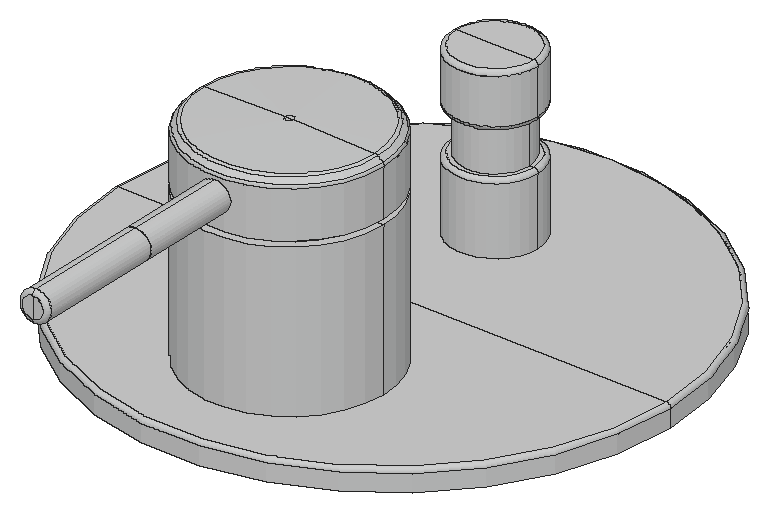
Revit family "MixerTap_Wall_Abey_PocoK_BathShower_External_Diverter_FaceBased", category Plumbing Fixtures, host Face, Revit 2019
Family settings
  Host = Face
  Round Connector Dimension = Use Diameter
  Part Type = Normal
  OmniClass Number = 23.31.11.19
  OmniClass Title = Faucet Mixing Valves
  Cut with Voids When Loaded = No
  Shared = No
  Room Calculation Point = No
Parameters (values of type "Chrome (6SHD-EXT-K)")
  Waste Connection = no
  Vent Connection = no
  Uniclass2015Version = "Products v1.28"
  Uniclass2015Title = "Mixer taps"
  Uniclass2015Code = "Pr_40_20_87_55"
  URL = "https://www.abey.com.au/"
  Type Comments = "Chrome"
  ModifiedIssue = 20230628
  Model = "6SHD-EXT-K"
  KnurledMaterial = Metal_Abey_Chrome_Knurled
  BodyMaterial = Metal_Abey_Chrome
  ManufacturerURLProductSpecific = "https://www.abey.com.au/product/all/taps/poco-knurled-diverter-mixer/"
  ManufacturerSpecCode = Model  # "6SHD-EXT-K"
  ManufacturerOverallWidth = 130 mm  # constant formula
  ManufacturerOverallHeight = 170 mm  # constant formula
  ManufacturerOverallDepth = 55 mm  # constant formula
  Manufacturer = "Abey"  # constant formula
  Keynote = ""
  IfcExportType = "FAUCET"
  IfcExportAs = "IfcValve"
  HW Connection = yes
  Description = "Inspired by the enduring pin-lever design, this elegant tapware delivers a stunning knurled pattern that has been rolled into the material."
  Default Elevation = 0 mm
  CreatedByURL = "https://igsgroup.com.au"
  CreatedBy = "IGS BIM Solutions"  # constant formula
  Cost = 0
  CW Connection = yes
  Assembly Code = "C1030210"
Types (5, lengths in mm): name | Type Comments | Model | KnurledMaterial | BodyMaterial | ManufacturerSpecCode
  Black (6SHD-EXT-KB) | "Black" | "6SHD-EXT-KB" | Metal_Abey_Black_Knurled | Metal_Abey_Black | "6SHD-EXT-KB"
  Brushed Brass (6SHD-EXT-KBB) | "Brushed Brass" | "6SHD-EXT-KBB" | Metal_Abey_Brass_Knurled | Metal_Abey_Brass | "6SHD-EXT-KBB"
  Brushed Nickel (6SHD-EXT-K) | "Brushed Nickel" | "6SHD-EXT-KBN" | Metal_Abey_BrushedNickel_Knurled | Metal_Abey_BrushedNickel | "6SHD-EXT-KBN"
  Chrome (6SHD-EXT-K) | "Chrome" | "6SHD-EXT-K" | Metal_Abey_Chrome_Knurled | Metal_Abey_Chrome | "6SHD-EXT-K"
  Gun Metal (6SHD-EXT-KGM) | "Gun Metal" | "6SHD-EXT-KGM" | Metal_Abey_GunMetal_Knurled | Metal_Abey_GunMetal | "6SHD-EXT-KGM"
Reference planes
  plane 1 "Center (Elevation)": y = -43.75
  plane 2 "Back": z = 0
  plane 3 "Center (Left/Right)": x = 18.07
  plane 4 "Bottom": y = -148.75
  plane 5 "Top": y = 21.25
  plane 6 "Left": x = -46.93
  plane 7 "Right": x = 83.07
  plane 8 "Front": z = 55
Forms (mm)
  Extrusion 1, void
    sketch origin (0, 0, 0) x (1, 0, 0) y (0, 1, 0)
      loop
        circle (18.07, -43.574) r 65
    from 0 to -30
Text (mm)
  text "Disclaimer:\nDue to ongoing product development and manufacturing evolution, product details are subject to change without notice. Please refer to product technical data sheets on the manufacturers website for the most current product information. Please allow a +/- 5mm manufacturing tolerance for dimensions and set-outs shown in product literature." at (155.293, 32.284, 0), in view "Ref. Level"
Dimensions and locks
  "ManufacturerOverallDepth": plane 8 "Front" to plane 2 "Back"
  "ManufacturerOverallWidth": plane 6 "Left" to plane 7 "Right"
  "ManufacturerOverallHeight": plane 4 "Bottom" to plane 5 "Top"
  equal spacing: plane 6 "Left", plane 3 "Center (Left/Right)", plane 7 "Right"
  plane 1 "Center (Elevation)" to plane 5 "Top" = 65 mm
  aligned and locked: plane 2 "Back" to host face
  aligned and locked: level to host face
  aligned and locked: plane 3 "Center (Left/Right)" to nested 1
  aligned and locked: nested 1 to plane 1 "Center (Elevation)"
  aligned and locked: level to nested 1
Automatic sketch dimensions
  host sketch curve to host sketch curve = 172.171 mm
  host sketch curve to host sketch curve = 224.934 mm
  Extrusion 1 sketch curve to plane 3 "Center (Left/Right)" = 0 mm
  Extrusion 1 sketch curve to plane 1 "Center (Elevation)" = 0.176 mm
  radius of Extrusion 1 sketch curve = 65 mm
Nested families
  nested 1: "z_MixerTap_Wall_Abey_PocoK_BathShower_External_Diverter" at (-79.951, -43.75, -65.75) x (1, 0, 0) z (0, 1, 0), type "Type 1"
Connectors
  piping at (28.07, -73.75, -2), diameter 12.7, driven by "CW Connection"
    settings: on nested 1, index 1, connector inside diameter 24", connector length 0 mm, flow factor 0, pipe flow 0.00 L/s, pressure drop 0 kPa, fitting loss kfactor 0, connector angle 0.00°, fixture units 0, engagement length 0 mm, angle of deflection 0.00°, flow configuration 2, flow direction 1, fitting loss method 0, system type 20, joint type 0, gender type 0, connector reference index -1, connector utility 1, adjustable connector no, is connector primary yes, connector description "Cold Water Supply"
  piping at (8.07, -73.75, -2), diameter 12.7, driven by "HW Connection"
    settings: on nested 1, index 2, connector inside diameter 24", connector length 0 mm, flow factor 0, pipe flow 0.00 L/s, pressure drop 0 kPa, fitting loss kfactor 0, connector angle 0.00°, fixture units 0, engagement length 0 mm, angle of deflection 0.00°, flow configuration 2, flow direction 1, fitting loss method 0, system type 19, joint type 0, gender type 0, connector reference index -1, connector utility 1, adjustable connector no, is connector primary no, connector description "Hot Water Supply"
Definition of nested family "z_MixerTap_Wall_Abey_PocoK_BathShower_External_Diverter"
  Parameters (values of type "Type 1")
    Waste Connection = no
    WFU = 0
    Vent Connection = no
    Uniclass2015Version = ""
    Uniclass2015Title = ""
    Uniclass2015Code = ""
    URL = "https://www.abey.com.au/"
    Type Comments = ""
    ModifiedIssue = 0
    Model = ""
    ManufacturerURLProductSpecific = ""
    ManufacturerSpecCode = Model  # ""
    ManufacturerOverallWidth = 130 mm  # constant formula
    ManufacturerOverallHeight = 170 mm  # constant formula
    ManufacturerOverallDepth = 55 mm  # constant formula
    Manufacturer = "Abey"  # constant formula
    KnurledMaterial = none
    Keynote = ""
    IfcExportType = ""
    IfcExportAs = ""
    HWFU = 0
    HW Connection = yes
    Description = ""
    Default Elevation = 1219.2 mm
    CreatedBy = "IGS BIM Solutions"  # constant formula
    CreatedByURL = "https://igsgroup.com.au"
    Cost = 0
    CWFU = 0
    CW Connection = yes
    BodyMaterial = none
    Assembly Code = ""
  Reference planes
    plane 1 "Ref. Level": z = 0
    plane 2 "Center (Left/Right)": x = 98.02
    plane 3 "Back": y = -65.75
    plane 4 "Left": x = 33.02
    plane 5 "Front": y = -120.75
    plane 6 "Right": x = 163.02
    plane 7 "Top": z = 65
    plane 8 "CenterOfBasePlate": z = 0
    plane 9 "Bottom": z = -105
  Forms (mm)
    Revolve 1, solid, material <- "BodyMaterial"
      sketch origin (0, 0, 0) x (-1, 0, 0) y (0, -1, 0)
        loop
          line (-98.02, 65.75) -> (-33.02, 65.75) -> (-33.02, 69.75)
          arc (-33.02, 69.75) -> (-33.313, 70.457) -> (-34.02, 70.75) r 1
          line (-34.02, 70.75) -> (-98.02, 70.75) -> (-98.02, 65.75)
        axis (-98.02, 70.75) -> (-98.02, 65.75)
      angle from 0 to 360
    Revolve 2, solid, material <- "BodyMaterial"
      sketch origin (-189.564, -1524, -30) x (-1, 0, 0) y (0, -1, 0)
        loop
          line (-287.584, -1453.25) -> (-265.584, -1453.25) -> (-265.584, -1417.85) -> (-267.77, -1417.85) -> (-269.066, -1416.554) -> (-265.584, -1416.554) -> (-265.584, -1405.649)
          arc (-265.584, -1405.649) -> (-265.66, -1405.267) -> (-265.877, -1404.942) r 1
          line (-265.877, -1404.942) -> (-266.937, -1403.882)
          arc (-266.937, -1403.882) -> (-267.277, -1403.651) -> (-267.679, -1403.56) r 1.1
          arc (-267.679, -1403.56) -> (-277.13, -1403.328) -> (-286.584, -1403.25) r 575.697
          line (-286.584, -1403.25) -> (-287.584, -1403.25) -> (-287.584, -1453.25)
        axis (-287.584, -1453.25) -> (-287.584, -1403.25)
      angle from 0 to 360
    Revolve 3, solid, material <- "BodyMaterial"
      sketch origin (0, 0, 30) x (-1, 0, 0) y (0, -1, 0)
        loop
          line (-98.02, 70.75) -> (-88.02, 70.75) -> (-88.02, 86.35)
          arc (-88.02, 86.35) -> (-88.313, 87.057) -> (-89.02, 87.35) r 1
          line (-89.02, 87.35) -> (-90.02, 87.35) -> (-90.02, 97.35) -> (-89.02, 97.35)
          arc (-89.02, 97.35) -> (-88.313, 97.643) -> (-88.02, 98.35) r 1
          line (-88.02, 98.35) -> (-88.02, 108.85)
          arc (-88.02, 108.85) -> (-88.313, 109.557) -> (-89.02, 109.85) r 1
          line (-89.02, 109.85) -> (-98.02, 109.85) -> (-98.02, 70.75)
        axis (-98.02, 70.75) -> (-98.02, 109.85)
      angle from 0 to 360
    Revolve 4, solid, material <- "BodyMaterial"
      sketch origin (98.02, 0, 0) x (0, 1, 0) y (0, 0, 1)
        loop
          line (-117.598, -30) -> (-117.598, -75) -> (-114.098, -75) -> (-114.098, -30) -> (-117.598, -30)
        axis (-114.098, -30) -> (-114.098, -75)
      angle from 0 to 360
    Revolve 5, solid, material <- "BodyMaterial"
      sketch origin (98.02, 0, 0) x (0, 1, 0) y (0, 0, 1)
        loop
          line (-117.598, -75) -> (-117.598, -104)
          arc (-117.598, -104) -> (-117.305, -104.707) -> (-116.598, -105) r 1
          line (-116.598, -105) -> (-114.098, -105) -> (-114.098, -75) -> (-117.598, -75)
        axis (-114.098, -75) -> (-114.098, -105)
      angle from 0 to 360
    Extrusion 6, solid, material <- "BodyMaterial"
      sketch origin (0, -65.75, 0) x (-1, 0, 0) y (0, 0, -1)
        loop
          circle (-88.02, 30) r 6.35
        loop
          circle (-108.02, 30) r 6.35
      from 0 to -2
  Cuts and joins
    joined: Revolve 1, Revolve 3
    joined: Revolve 2, Revolve 4
  Lines and regions (mm)
    Masking region 1
      outline origin (0, 0, 65) x (-1, 0, 0) y (0, -1, 0)
        loop
          line (-33.02, 65.75) -> (-33.02, 69.75)
          arc (-33.02, 69.75) -> (-33.313, 70.457) -> (-34.02, 70.75) r 1
          line (-34.02, 70.75) -> (-76.02, 70.75) -> (-76.02, 106.15) -> (-78.206, 106.15) -> (-79.502, 107.446) -> (-76.02, 107.446) -> (-76.02, 118.765) -> (-77.68, 120.425)
          arc (-77.68, 120.425) -> (-98.02, 120.75) -> (-118.36, 120.425) r 636.754
          line (-118.36, 120.425) -> (-120.02, 118.765) -> (-120.02, 107.446) -> (-116.538, 107.446) -> (-117.834, 106.15) -> (-120.02, 106.15) -> (-120.02, 70.75) -> (-162.02, 70.75)
          arc (-162.02, 70.75) -> (-162.727, 70.457) -> (-163.02, 69.75) r 1
          line (-163.02, 69.75) -> (-163.02, 65.75) -> (-33.02, 65.75)
    symbolic lines, detail levels medium+fine
      curve 1: line (76.02, -118.765, 65) -> (120.02, -118.765, 65)
      curve 2: line (79.502, -107.446, 65) -> (88.02, -107.446, 65)
      curve 3: line (78.206, -106.15, 65) -> (88.02, -106.15, 65)
      curve 4: line (76.02, -70.75, 65) -> (120.02, -70.75, 65)
      curve 6: line (107.02, -109.85, 65) -> (89.02, -109.85, 65)
      curve 7: line (88.02, -108.85, 65) -> (88.02, -98.35, 65)
      curve 8: line (89.02, -97.35, 65) -> (90.02, -97.35, 65)
      curve 9: line (90.02, -97.35, 65) -> (90.02, -87.35, 65)
      curve 10: arc (88.02, -98.35, 65) -> (88.313, -97.643, 65) -> (89.02, -97.35, 65) r 1
      curve 11: arc (88.02, -108.85, 65) -> (88.313, -109.557, 65) -> (89.02, -109.85, 65) r 1
      curve 12: line (90.02, -87.35, 65) -> (89.02, -87.35, 65)
      curve 13: line (88.02, -86.35, 65) -> (88.02, -70.75, 65)
      curve 14: arc (89.02, -87.35, 65) -> (88.313, -87.057, 65) -> (88.02, -86.35, 65) r 1
      curve 15: line (108.02, -108.85, 65) -> (108.02, -98.35, 65)
      curve 16: line (107.02, -97.35, 65) -> (106.02, -97.35, 65)
      curve 17: line (106.02, -97.35, 65) -> (106.02, -87.35, 65)
      curve 18: arc (108.02, -98.35, 65) -> (107.727, -97.643, 65) -> (107.02, -97.35, 65) r 1
      curve 19: arc (108.02, -108.85, 65) -> (107.727, -109.557, 65) -> (107.02, -109.85, 65) r 1
      curve 20: line (106.02, -87.35, 65) -> (107.02, -87.35, 65)
      curve 21: line (108.02, -86.35, 65) -> (108.02, -70.75, 65)
      curve 22: arc (107.02, -87.35, 65) -> (107.727, -87.057, 65) -> (108.02, -86.35, 65) r 1
      curve 23: line (90.02, -87.35, 65) -> (106.02, -87.35, 65)
      curve 24: line (90.02, -97.35, 65) -> (106.02, -97.35, 65)
      curve 25: line (116.538, -107.446, 65) -> (108.02, -107.446, 65)
      curve 26: line (117.834, -106.15, 65) -> (108.02, -106.15, 65)
    symbolic lines, detail levels fine
      curve 5: line (77.68, -120.425, 65) -> (118.36, -120.425, 65)
  Dimensions and locks
    "ManufacturerOverallDepth": plane 5 "Front" to plane 3 "Back"
    equal spacing: plane 4 "Left", plane 2 "Center (Left/Right)", plane 6 "Right"
    "ManufacturerOverallWidth": plane 4 "Left" to plane 6 "Right"
    "ManufacturerOverallHeight": plane 7 "Top" to plane 9 "Bottom"
    plane 7 "Top" to plane 8 "CenterOfBasePlate" = 65 mm
    aligned and locked: Revolve 1 sketch curve to plane 3 "Back"
    aligned and locked: plane 2 "Center (Left/Right)" to Revolve 1 sketch curve
    aligned and locked: Revolve 1 sketch curve to Revolve 1 sketch curve  (x2)
    aligned and locked: Revolve 2 sketch curve to plane 5 "Front"
    aligned and locked: Revolve 2 sketch curve to Revolve 2 sketch curve  (x2)
    aligned and locked: Revolve 3 sketch curve to Revolve 3 sketch curve  (x2)
  Automatic sketch dimensions
    Revolve 1 sketch curve to plane 4 "Left" = 0 mm
    plane 3 "Back" to Revolve 1 sketch curve = 0 mm
    plane 4 "Left" to Revolve 1 sketch curve = 1 mm
    plane 3 "Back" to Revolve 1 sketch curve = 4 mm
    Revolve 3 sketch curve to plane 2 "Center (Left/Right)" = 0 mm
    Revolve 3 sketch curve to plane 2 "Center (Left/Right)" = 8 mm
    Revolve 3 sketch curve to Revolve 3 sketch curve = 1 mm  (x3)
    Revolve 3 sketch curve to Revolve 3 sketch curve = 9 mm
    Revolve 3 sketch curve to Revolve 3 sketch curve = 10 mm  (x2)
    plane 3 "Back" to Revolve 3 sketch curve = 5 mm
    Revolve 3 sketch curve to Revolve 3 sketch curve = 15.6 mm
    Revolve 3 sketch curve to Revolve 3 sketch curve = 10.5 mm
    Revolve 3 sketch curve to Revolve 3 sketch curve = 0 mm
    Masking region 1 sketch curve to plane 6 "Right" = 0 mm
    Masking region 1 sketch curve to plane 2 "Center (Left/Right)" = 0 mm
    Masking region 1 sketch curve to plane 4 "Left" = 0 mm
    plane 3 "Back" to Masking region 1 sketch curve = 0 mm
    Masking region 1 sketch curve to plane 6 "Right" = 1 mm
    plane 3 "Back" to Masking region 1 sketch curve = 5 mm  (x2)
    plane 2 "Center (Left/Right)" to Masking region 1 sketch curve = 22 mm
    Masking region 1 sketch curve to Masking region 1 sketch curve = 0 mm
    Masking region 1 sketch curve to plane 5 "Front" = 0.325 mm  (x2)
    Masking region 1 sketch curve to Masking region 1 sketch curve = 1.66 mm  (x2)
    Masking region 1 sketch curve to Masking region 1 sketch curve = 2.186 mm
    Masking region 1 sketch curve to Masking region 1 sketch curve = 1.296 mm  (x4)
    Masking region 1 sketch curve to plane 2 "Center (Left/Right)" = 18.518 mm
    Masking region 1 sketch curve to plane 5 "Front" = 1.985 mm  (x2)
    Masking region 1 sketch curve to plane 2 "Center (Left/Right)" = 22 mm
    plane 4 "Left" to Masking region 1 sketch curve = 1 mm
    Masking region 1 sketch curve to plane 3 "Back" = 581.754 mm
    Masking region 1 sketch curve to Masking region 1 sketch curve = 14.275 mm
    Masking region 1 sketch curve to Masking region 1 sketch curve = 12.615 mm
    plane 2 "Center (Left/Right)" to curve 19 = 9 mm
    plane 2 "Center (Left/Right)" to curve 22 = 9 mm
    curve 10 to plane 2 "Center (Left/Right)" = 9 mm
    curve 14 to plane 2 "Center (Left/Right)" = 9 mm
    plane 3 "Back" to curve 22 = 20.6 mm
    curve 14 to curve 22 = 0 mm
    curve 22 to curve 18 = 12 mm
    curve 18 to curve 19 = 10.5 mm
    curve 22 to curve 22 = 1 mm
    curve 18 to curve 18 = 1 mm
    curve 25 to curve 25 = 8.518 mm
    curve 26 to curve 25 = 1.296 mm  (x2)
    curve 5 to plane 5 "Front" = 0.325 mm
    curve 5 to curve 25 = 1.822 mm
    curve 4 to curve 21 = 12 mm
    curve 1 to curve 5 = 1.66 mm
    curve 20 to curve 20 = 1 mm
    curve 18 to curve 17 = 1 mm
    curve 12 to curve 14 = 1 mm
    curve 11 to curve 11 = 1 mm
    curve 10 to curve 10 = 1 mm
    curve 2 to curve 2 = 8.518 mm
    curve 2 to curve 3 = 1.296 mm
    curve 2 to curve 5 = 1.822 mm
    curve 5 to curve 1 = 1.66 mm
    curve 13 to curve 4 = 12 mm
    plane 3 "Back" to curve 13 = 5 mm
    curve 3 to curve 11 = 2.7 mm
    curve 26 to curve 19 = 2.7 mm
    curve 3 to curve 2 = 1.296 mm
    curve 1 to plane 5 "Front" = 1.985 mm
    Revolve 5 sketch curve to plane 9 "Bottom" = 0 mm
    Revolve 5 sketch curve to plane 5 "Front" = 3.152 mm
    Revolve 5 sketch curve to Revolve 5 sketch curve = 1 mm
    Revolve 5 sketch curve to Revolve 5 sketch curve = 2.5 mm
    Revolve 5 sketch curve to Revolve 5 sketch curve = 0 mm
    Revolve 5 sketch curve to Revolve 5 sketch curve = 8.537 mm
    Revolve 5 sketch curve to Revolve 5 sketch curve = 3.537 mm
    Revolve 4 sketch curve to plane 5 "Front" = 3.152 mm
    Revolve 4 sketch curve to Revolve 4 sketch curve = 3.5 mm
    Revolve 4 sketch curve to Revolve 4 sketch curve = 0 mm  (x2)
    Revolve 2 sketch curve to plane 2 "Center (Left/Right)" = 0 mm
    plane 5 "Front" to Revolve 2 sketch curve = 0 mm
    Revolve 2 sketch curve to Revolve 2 sketch curve = 1 mm
    Revolve 2 sketch curve to plane 2 "Center (Left/Right)" = 18.518 mm
    Revolve 2 sketch curve to plane 5 "Front" = 1.41 mm
    Revolve 2 sketch curve to Revolve 2 sketch curve = 1.351 mm
    Revolve 2 sketch curve to Revolve 2 sketch curve = 1.296 mm  (x2)
    Revolve 2 sketch curve to Revolve 2 sketch curve = 1.131 mm
    Revolve 2 sketch curve to plane 5 "Front" = 0.632 mm
    Revolve 2 sketch curve to Revolve 2 sketch curve = 0.353 mm
    Revolve 2 sketch curve to plane 5 "Front" = 1.692 mm
    Revolve 2 sketch curve to Revolve 2 sketch curve = 1.06 mm
    Revolve 2 sketch curve to Revolve 2 sketch curve = 2.186 mm
    Revolve 2 sketch curve to Revolve 2 sketch curve = 0 mm
    Revolve 2 sketch curve to Revolve 2 sketch curve = 11.894 mm
    plane 3 "Back" to Revolve 2 sketch curve = 5 mm
    Revolve 2 sketch curve to plane 3 "Back" = 520.697 mm
    Extrusion 6 sketch curve to plane 2 "Center (Left/Right)" = 10 mm
    plane 2 "Center (Left/Right)" to Extrusion 6 sketch curve = 10 mm
    plane 9 "Bottom" to Revolve 4 sketch curve = 30 mm
    Revolve 5 sketch curve to Revolve 5 sketch curve = 29 mm
    Revolve 4 sketch curve to level = 30 mm
    Revolve 4 sketch curve to Revolve 4 sketch curve = 6.964 mm
    level to Extrusion 6 sketch curve = 30 mm
    Extrusion 6 sketch curve to Extrusion 6 sketch curve = 0 mm
    radius of Extrusion 6 sketch curve = 6.35 mm  (x2)
